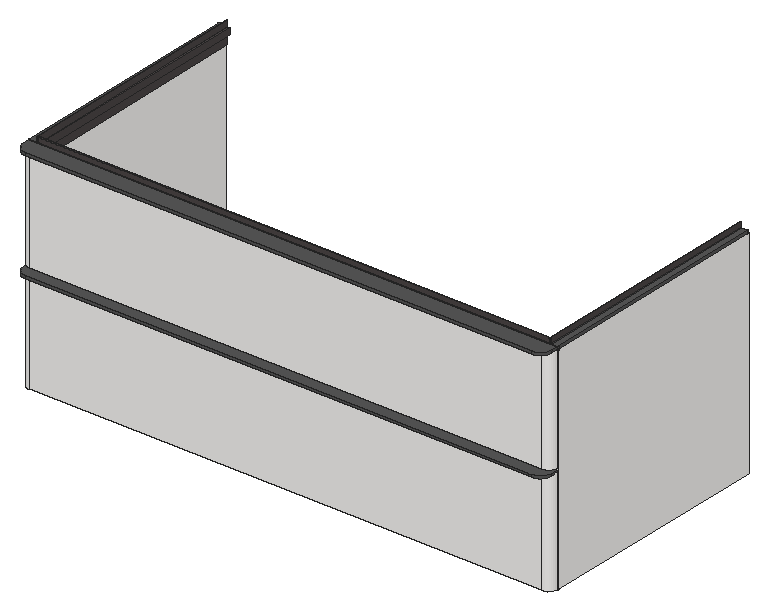
Revit family "vanity unit with 2 drawers for consoles with bowl", category Furniture, Revit 2019 (continued)
Definition of nested family "vanity unit 980_550 with 2 drawers for consoles with bowl-54080670-natural oak-matt_black-200_content"
  Parameters (values of type "Vanity unit 980_550 with 2 drawers for consoles with bowl-54080670-Natural Oak-MATT_BLACK-200_Content")
    REGIONSET = "Worldwide"
    PRODUCTURL = "https://pro.hansgrohe.com/articledetail--54080000"
    PRODUCTGROUP = "vanity unit"
    PRODUCTFAMILY = "Xelu Q"
    PERMALINK = "54080XXX"
    OMNICLASS = "23-21 19 15 33 13 | Residential Bathroom Specialty Casework"
    OBJECTTYPE = "Object (single object)"
    OBERFLAECHE = "Natural Oak"
    NN = "Vanity unit with 2 drawers for consoles with bowl"
    NBSYN = "$BASENUMBER.-$ARTNR.-$OBERFLAECHE.-$SURFACE.-$LODLEVEL."
    NB = "Vanity unit 980/550 with 2 drawers for consoles with bowl-54080670-Natural Oak-MATT_BLACK-200"
    NAME = "Xelu Q Vanity unit Natural Oak 980/550 with 2 drawers for consoles with bowl"
    Model = "Vanity unit 980/550 with 2 drawers for consoles with bowl-54080670-Natural Oak-MATT_BLACK-200"
    Manufacturer = "Hansgrohe"
    MASTERFORMAT = "12 35 30.23 | Bathroom Casework"
    LODLEVEL = "200"
    LINA = "Vanity unit 980/550 with 2 drawers for consoles with bowl-54080670-Natural Oak-MATT_BLACK-200"
    L = 980
    IFC = "Furnishing element"
    GTINCODE = "4059625456750"
    ETIM = "EC011381 | Bathroom furniture set"
    Default Elevation = 1219.2 mm
    DESIGN = "Germany"
    ContentVisible [instance] = yes
    CATALOG = "Hansgrohe"
    BIMOBJECT = "Sanitary: Compound units"
    BASENUMBER = "Vanity unit 980/550 with 2 drawers for consoles with bowl"
    ARTNR = "54080670"
  Reference planes
    plane 1 "Center (Front/Back)": y = 0
    plane 2: z = 0
    plane 3 "Center (Left/Right)": x = 0
  Forms (mm)
    Extrusion 1, solid, visible <- "ContentVisible", detail levels medium+fine
      sketch origin (0, 0, 0) x (1, 0, 0) y (0, 1, 0)
        loop
          line (-490, 0) -> (-490, -551) -> (490, -551) -> (490, 0) -> (474, 0) -> (474, -117) -> (-474, -117) -> (-474, 0) -> (-490, 0)
      from 0 to 480
    Extrusion 2, solid, visible <- "ContentVisible", detail levels medium+fine
      sketch origin (0, 0, 234) x (1, 0, 0) y (0, 1, 0)
        loop
          line (-488.5, -528.5) -> (-488.5, -571) -> (488.5, -571) -> (488.5, -528.5) -> (-488.5, -528.5)
      from 0 to 5
    Extrusion 3, solid, visible <- "ContentVisible", detail levels medium+fine
      sketch origin (0, 0, 480) x (1, 0, 0) y (0, 1, 0)
        loop
          line (-488.5, -528.5) -> (-488.5, -571) -> (488.5, -571) -> (488.5, -528.5) -> (-488.5, -528.5)
      from 0 to 5
    Extrusion 4, solid, visible <- "ContentVisible", detail levels medium+fine
      sketch origin (0, 0, 0) x (1, 0, 0) y (0, 0, -1)
        loop
          line (-474, -447) -> (-474, -485) -> (-472.5, -485) -> (-472.5, -447) -> (-474, -447)
      from -530 to 0
    Extrusion 5, solid, visible <- "ContentVisible", detail levels medium+fine
      sketch origin (0, 0, 0) x (1, 0, 0) y (0, 0, -1)
        loop
          line (472.5, -446.8) -> (472.5, -485) -> (474, -485) -> (474, -446.8) -> (472.5, -446.8)
      from -530 to 0
    Extrusion 6, solid, visible <- "ContentVisible", detail levels medium+fine
      sketch origin (0, 0, 480) x (1, 0, 0) y (0, 1, 0)
        loop
          line (-490, 0) -> (-490, -530) -> (-474, -530) -> (-474, 0) -> (-490, 0)
      from 0 to 5
    Extrusion 7, solid, visible <- "ContentVisible", detail levels medium+fine
      sketch origin (0, 0, 480) x (1, 0, 0) y (0, 1, 0)
        loop
          line (474, 0) -> (474, -530) -> (490, -530) -> (490, 0) -> (474, 0)
      from 0 to 5
    Extrusion 8, solid, visible <- "ContentVisible", detail levels medium+fine
      sketch origin (0, 0, 0) x (1, 0, 0) y (0, 0, -1)
        loop
          line (-472.5, -447) -> (-472.5, -496) -> (-466.4, -496) -> (-466.4, -447) -> (-472.5, -447)
      from -528.5 to 0
    Extrusion 9, solid, visible <- "ContentVisible", detail levels medium+fine
      sketch origin (0, 0, 0) x (1, 0, 0) y (0, 0, -1)
        loop
          line (466.4, -447) -> (466.4, -496) -> (472.5, -496) -> (472.5, -447) -> (466.4, -447)
      from -528.5 to 0
    Extrusion 10, solid, visible <- "ContentVisible", detail levels medium+fine
      sketch origin (0, 0, 0) x (0, 0, -1) y (0, 1, 0)
        loop
          line (-496, -528.5) -> (-447, -528.5) -> (-447, -522.4) -> (-496, -522.4) -> (-496, -528.5)
      from -472.5 to 472.5
    Extrusion 11, solid, visible <- "ContentVisible", detail levels coarse
      sketch origin (0, -285.5, 0) x (1, 0, 0) y (0, 1, 0)
        loop
          line (-490, -285.5) -> (490, -285.5) -> (490, 285.5) -> (-490, 285.5) -> (-490, -285.5)
      from 0 to 496
  Dimensions and locks
    aligned and locked: level to plane 2
Definition of nested family "vanity unit 980_550 with 2 drawers for consoles with bowl-54080670-natural oak-matt_black-400_content"
  Parameters (values of type "Vanity unit 980_550 with 2 drawers for consoles with bowl-54080670-Natural Oak-MATT_BLACK-400_Content")
    etim7_EC011381 = "EC011381"
    WEIGHT = "37.4"
    UNSPSC = "56 | Furniture and Furnishings"
    UNIFORMATII = "E2010 | Fixed Furnishings"
    UNICLASS_2015_CODE = "40_30_78_05"
    UNICLASS2015 = "Pr_40_30_78_05 | Bathroom furniture"
    SURFACE = "MATT_BLACK"
    REGIONSET = "Worldwide"
    PRODUCTURL = "https://pro.hansgrohe.com/articledetail--54080000"
    PRODUCTGROUP = "vanity unit"
    PRODUCTFAMILY = "Xelu Q"
    PERMALINK = "54080XXX"
    OMNICLASS = "23-21 19 15 33 13 | Residential Bathroom Specialty Casework"
    OBJECTTYPE = "Object (single object)"
    OBERFLAECHE = "Natural Oak"
    NN = "Vanity unit with 2 drawers for consoles with bowl"
    NBSYN = "$BASENUMBER.-$ARTNR.-$OBERFLAECHE.-$SURFACE.-$LODLEVEL."
    NB = "Vanity unit 980/550 with 2 drawers for consoles with bowl-54080670-Natural Oak-MATT_BLACK-400"
    NAME = "Xelu Q Vanity unit Natural Oak 980/550 with 2 drawers for consoles with bowl"
    Model = "Vanity unit 980/550 with 2 drawers for consoles with bowl-54080670-Natural Oak-MATT_BLACK-400"
    Manufacturer = "Hansgrohe"
    MASTERFORMAT = "12 35 30.23 | Bathroom Casework"
    LODLEVEL = "400"
    LINA = "Vanity unit 980/550 with 2 drawers for consoles with bowl-54080670-Natural Oak-MATT_BLACK-400"
    L = 980
    IFC = "Furnishing element"
    GTINCODE = "4059625456750"
    ETIM = "EC011381 | Bathroom furniture set"
    Default Elevation = 1219.2 mm
    DESIGN = "Germany"
    ContentVisible [instance] = yes
    CATALOG = "Hansgrohe"
    BIMOBJECT = "Sanitary: Compound units"
    BASENUMBER = "Vanity unit 980/550 with 2 drawers for consoles with bowl"
    ARTNR = "54080670"
  Reference planes
    plane 1 "Center (Front/Back)": y = 0
    plane 2: z = 0
    plane 3 "Center (Left/Right)": x = 0
  Forms (mm)
    Extrusion 1, solid, visible <- "ContentVisible", detail levels medium+fine
      sketch origin (0, 0, 0) x (1, 0, 0) y (0, 1, 0)
        loop
          line (-490, 0) -> (-490, -527)
          arc (-490, -527) -> (-489.121, -529.121) -> (-487, -530) r 3
          line (-487, -530) -> (-474, -530) -> (-474, 0) -> (-490, 0)
      from 0 to 480
    Extrusion 2, solid, visible <- "ContentVisible", detail levels medium+fine
      sketch origin (0, 0, 0) x (1, 0, 0) y (0, 1, 0)
        loop
          line (-474, -133) -> (-474, -499.5) -> (474, -499.5) -> (474, -133) -> (-474, -133)
      from 0 to 16
    Extrusion 3, solid, visible <- "ContentVisible", detail levels medium+fine
      sketch origin (0, 0, 0) x (1, 0, 0) y (0, 1, 0)
        loop
          line (474, 0) -> (474, -530) -> (487, -530)
          arc (487, -530) -> (489.121, -529.121) -> (490, -527) r 3
          line (490, -527) -> (490, 0) -> (474, 0)
      from 0 to 480
    Extrusion 4, solid, visible <- "ContentVisible", detail levels medium+fine
      sketch origin (0, 0, 0) x (1, 0, 0) y (0, 1, 0)
        loop
          line (-474, -117) -> (-474, -133) -> (474, -133) -> (474, -117) -> (-474, -117)
      from 0 to 126
    Extrusion 5, solid, visible <- "ContentVisible", detail levels medium+fine
      sketch origin (0, 0, 2) x (1, 0, 0) y (0, 1, 0)
        loop
          line (-490, -530) -> (-490, -532)
          arc (-490, -532) -> (-484.435, -545.435) -> (-471, -551) r 19
          line (-471, -551) -> (471, -551)
          arc (471, -551) -> (484.435, -545.435) -> (490, -532) r 19
          line (490, -532) -> (490, -530) -> (-490, -530)
      from 0 to 234
    Extrusion 6, solid, visible <- "ContentVisible", detail levels medium+fine
      sketch origin (0, 0, 234) x (1, 0, 0) y (0, 1, 0)
        loop
          line (-488.5, -530) -> (-488.5, -546)
          arc (-488.5, -546) -> (-481.178, -563.678) -> (-463.5, -571) r 25
          line (-463.5, -571) -> (463.5, -571)
          arc (463.5, -571) -> (481.178, -563.678) -> (488.5, -546) r 25
          line (488.5, -546) -> (488.5, -530) -> (468.5, -530) -> (468.5, -528.5) -> (-468.5, -528.5) -> (-468.5, -530) -> (-488.5, -530)
      from 0 to 5
    Extrusion 7, solid, visible <- "ContentVisible", detail levels medium+fine
      sketch origin (0, 0, 0) x (0, 0, -1) y (0, 1, 0)
        loop
          line (-239, -528.5) -> (-239, -530) -> (-209, -530) -> (-209, -528.5) -> (-239, -528.5)
      from -468.5 to 468.5
    Extrusion 8, solid, visible <- "ContentVisible", detail levels medium+fine
      sketch origin (0, 0, 245) x (1, 0, 0) y (0, 1, 0)
        loop
          line (-490, -530) -> (-490, -532)
          arc (-490, -532) -> (-484.435, -545.435) -> (-471, -551) r 19
          line (-471, -551) -> (471, -551)
          arc (471, -551) -> (484.435, -545.435) -> (490, -532) r 19
          line (490, -532) -> (490, -530) -> (-490, -530)
      from 0 to 235
    Extrusion 9, solid, visible <- "ContentVisible", detail levels medium+fine
      sketch origin (0, 0, 480) x (1, 0, 0) y (0, 1, 0)
        loop
          line (-488.5, -530) -> (-488.5, -546)
          arc (-488.5, -546) -> (-481.178, -563.678) -> (-463.5, -571) r 25
          line (-463.5, -571) -> (463.5, -571)
          arc (463.5, -571) -> (481.178, -563.678) -> (488.5, -546) r 25
          line (488.5, -546) -> (488.5, -530) -> (468.5, -530) -> (468.5, -528.5) -> (-468.5, -528.5) -> (-468.5, -530) -> (-488.5, -530)
      from 0 to 5
    Extrusion 10, solid, visible <- "ContentVisible", detail levels medium+fine
      sketch origin (0, 0, 0) x (0, 0, -1) y (0, 1, 0)
        loop
          line (-485, -528.5) -> (-485, -530) -> (-455, -530) -> (-455, -528.5) -> (-485, -528.5)
      from -468.5 to 468.5
    Extrusion 11, solid, visible <- "ContentVisible", detail levels medium+fine
      sketch origin (0, 0, 0) x (1, 0, 0) y (0, 0, -1)
        loop
          line (-474, -447) -> (-474, -485) -> (-472.5, -485) -> (-472.5, -447) -> (-474, -447)
      from -530 to 0
    Extrusion 12, solid, visible <- "ContentVisible", detail levels medium+fine
      sketch origin (0, 0, 0) x (1, 0, 0) y (0, 0, -1)
        loop
          line (472.5, -446.8) -> (472.5, -485) -> (474, -485) -> (474, -446.8) -> (472.5, -446.8)
      from -530 to 0
    Extrusion 13, solid, visible <- "ContentVisible", detail levels medium+fine
      sketch origin (0, 0, 480) x (1, 0, 0) y (0, 1, 0)
        loop
          line (-490, -3) -> (-490, -527)
          arc (-490, -527) -> (-489.121, -529.121) -> (-487, -530) r 3
          line (-487, -530) -> (-474, -530) -> (-474, 0) -> (-487, 0)
          arc (-487, 0) -> (-489.121, -0.879) -> (-490, -3) r 3
      from 0 to 5
    Extrusion 14, solid, visible <- "ContentVisible", detail levels medium+fine
      sketch origin (0, 0, 480) x (1, 0, 0) y (0, 1, 0)
        loop
          line (474, 0) -> (474, -530) -> (487, -530)
          arc (487, -530) -> (489.121, -529.121) -> (490, -527) r 3
          line (490, -527) -> (490, -3)
          arc (490, -3) -> (489.121, -0.879) -> (487, 0) r 3
          line (487, 0) -> (474, 0)
      from 0 to 5
    Extrusion 15, solid, visible <- "ContentVisible", detail levels medium+fine
      sketch origin (0, 0, 0) x (1, 0, 0) y (0, 0, -1)
        loop
          line (-472.5, -447) -> (-472.5, -496) -> (-471, -496) -> (-471, -483) -> (-466.4, -483) -> (-466.4, -468.5) -> (-471, -468.5) -> (-471, -447) -> (-472.5, -447)
      from -528.5 to 0
    Extrusion 16, solid, visible <- "ContentVisible", detail levels medium+fine
      sketch origin (0, 0, 0) x (1, 0, 0) y (0, 0, -1)
        loop
          line (466.4, -468.5) -> (466.4, -483) -> (471, -483) -> (471, -496) -> (472.5, -496) -> (472.5, -447) -> (471, -447) -> (471, -468.5) -> (466.4, -468.5)
      from -528.5 to 0
    Extrusion 17, solid, visible <- "ContentVisible", detail levels medium+fine
      sketch origin (0, 0, 0) x (0, 0, -1) y (0, 1, 0)
        loop
          line (-496, -528.5) -> (-447, -528.5) -> (-447, -527) -> (-468.5, -527) -> (-468.5, -522.4) -> (-483, -522.4) -> (-483, -527) -> (-496, -527) -> (-496, -528.5)
      from -472.5 to 472.5
    Extrusion 18, solid, visible <- "ContentVisible", detail levels coarse
      sketch origin (0, -285.5, 0) x (1, 0, 0) y (0, 1, 0)
        loop
          line (-490, -285.5) -> (490, -285.5) -> (490, 285.5) -> (-490, 285.5) -> (-490, -285.5)
      from 0 to 496
  Dimensions and locks
    aligned and locked: level to plane 2
Definition of nested family "vanity unit 980_550 with 2 drawers for consoles with bowl-54080700-natural oak-matt_white-200_content"
  Parameters (values of type "Vanity unit 980_550 with 2 drawers for consoles with bowl-54080700-Natural Oak-MATT_WHITE-200_Content")
    etim7_EC011381 = "EC011381"
    WEIGHT = "37.4"
    UNSPSC = "56 | Furniture and Furnishings"
    UNIFORMATII = "E2010 | Fixed Furnishings"
    UNICLASS_2015_CODE = "40_30_78_05"
    UNICLASS2015 = "Pr_40_30_78_05 | Bathroom furniture"
    SURFACE = "MATT_WHITE"
    REGIONSET = "Worldwide"
    PRODUCTURL = "https://pro.hansgrohe.com/articledetail--54080000"
    PRODUCTGROUP = "vanity unit"
    PRODUCTFAMILY = "Xelu Q"
    PERMALINK = "54080XXX"
    OMNICLASS = "23-21 19 15 33 13 | Residential Bathroom Specialty Casework"
    OBJECTTYPE = "Object (single object)"
    OBERFLAECHE = "Natural Oak"
    NN = "Vanity unit with 2 drawers for consoles with bowl"
    NBSYN = "$BASENUMBER.-$ARTNR.-$OBERFLAECHE.-$SURFACE.-$LODLEVEL."
    NB = "Vanity unit 980/550 with 2 drawers for consoles with bowl-54080700-Natural Oak-MATT_WHITE-200"
    NAME = "Xelu Q Vanity unit Natural Oak 980/550 with 2 drawers for consoles with bowl"
    Model = "Vanity unit 980/550 with 2 drawers for consoles with bowl-54080700-Natural Oak-MATT_WHITE-200"
    Manufacturer = "Hansgrohe"
    MASTERFORMAT = "12 35 30.23 | Bathroom Casework"
    LODLEVEL = "200"
    LINA = "Vanity unit 980/550 with 2 drawers for consoles with bowl-54080700-Natural Oak-MATT_WHITE-200"
    L = 980
    IFC = "Furnishing element"
    GTINCODE = "4059625456750"
    ETIM = "EC011381 | Bathroom furniture set"
    Default Elevation = 1219.2 mm
    DESIGN = "Germany"
    ContentVisible [instance] = yes
    CATALOG = "Hansgrohe"
    BIMOBJECT = "Sanitary: Compound units"
    BASENUMBER = "Vanity unit 980/550 with 2 drawers for consoles with bowl"
    ARTNR = "54080700"
  Reference planes
    plane 1 "Center (Front/Back)": y = 0
    plane 2: z = 0
    plane 3 "Center (Left/Right)": x = 0
  Forms (mm)
    Extrusion 1, solid, visible <- "ContentVisible", detail levels medium+fine
      sketch origin (0, 0, 0) x (1, 0, 0) y (0, 1, 0)
        loop
          line (-490, 0) -> (-490, -551) -> (490, -551) -> (490, 0) -> (474, 0) -> (474, -117) -> (-474, -117) -> (-474, 0) -> (-490, 0)
      from 0 to 480
    Extrusion 2, solid, visible <- "ContentVisible", detail levels medium+fine
      sketch origin (0, 0, 234) x (1, 0, 0) y (0, 1, 0)
        loop
          line (-488.5, -528.5) -> (-488.5, -571) -> (488.5, -571) -> (488.5, -528.5) -> (-488.5, -528.5)
      from 0 to 5
    Extrusion 3, solid, visible <- "ContentVisible", detail levels medium+fine
      sketch origin (0, 0, 480) x (1, 0, 0) y (0, 1, 0)
        loop
          line (-488.5, -528.5) -> (-488.5, -571) -> (488.5, -571) -> (488.5, -528.5) -> (-488.5, -528.5)
      from 0 to 5
    Extrusion 4, solid, visible <- "ContentVisible", detail levels medium+fine
      sketch origin (0, 0, 0) x (1, 0, 0) y (0, 0, -1)
        loop
          line (-474, -447) -> (-474, -485) -> (-472.5, -485) -> (-472.5, -447) -> (-474, -447)
      from -530 to 0
    Extrusion 5, solid, visible <- "ContentVisible", detail levels medium+fine
      sketch origin (0, 0, 0) x (1, 0, 0) y (0, 0, -1)
        loop
          line (472.5, -446.8) -> (472.5, -485) -> (474, -485) -> (474, -446.8) -> (472.5, -446.8)
      from -530 to 0
    Extrusion 6, solid, visible <- "ContentVisible", detail levels medium+fine
      sketch origin (0, 0, 480) x (1, 0, 0) y (0, 1, 0)
        loop
          line (-490, 0) -> (-490, -530) -> (-474, -530) -> (-474, 0) -> (-490, 0)
      from 0 to 5
    Extrusion 7, solid, visible <- "ContentVisible", detail levels medium+fine
      sketch origin (0, 0, 480) x (1, 0, 0) y (0, 1, 0)
        loop
          line (474, 0) -> (474, -530) -> (490, -530) -> (490, 0) -> (474, 0)
      from 0 to 5
    Extrusion 8, solid, visible <- "ContentVisible", detail levels medium+fine
      sketch origin (0, 0, 0) x (1, 0, 0) y (0, 0, -1)
        loop
          line (-472.5, -447) -> (-472.5, -496) -> (-466.4, -496) -> (-466.4, -447) -> (-472.5, -447)
      from -528.5 to 0
    Extrusion 9, solid, visible <- "ContentVisible", detail levels medium+fine
      sketch origin (0, 0, 0) x (1, 0, 0) y (0, 0, -1)
        loop
          line (466.4, -447) -> (466.4, -496) -> (472.5, -496) -> (472.5, -447) -> (466.4, -447)
      from -528.5 to 0
    Extrusion 10, solid, visible <- "ContentVisible", detail levels medium+fine
      sketch origin (0, 0, 0) x (0, 0, -1) y (0, 1, 0)
        loop
          line (-496, -528.5) -> (-447, -528.5) -> (-447, -522.4) -> (-496, -522.4) -> (-496, -528.5)
      from -472.5 to 472.5
    Extrusion 11, solid, visible <- "ContentVisible", detail levels coarse
      sketch origin (0, -285.5, 0) x (1, 0, 0) y (0, 1, 0)
        loop
          line (-490, -285.5) -> (490, -285.5) -> (490, 285.5) -> (-490, 285.5) -> (-490, -285.5)
      from 0 to 496
  Dimensions and locks
    aligned and locked: level to plane 2
Definition of nested family "vanity unit 980_550 with 2 drawers for consoles with bowl-54080700-natural oak-matt_white-400_content"
  Parameters (values of type "Vanity unit 980_550 with 2 drawers for consoles with bowl-54080700-Natural Oak-MATT_WHITE-400_Content")
    etim7_EC011381 = "EC011381"
    WEIGHT = "37.4"
    UNSPSC = "56 | Furniture and Furnishings"
    UNIFORMATII = "E2010 | Fixed Furnishings"
    UNICLASS_2015_CODE = "40_30_78_05"
    UNICLASS2015 = "Pr_40_30_78_05 | Bathroom furniture"
    SURFACE = "MATT_WHITE"
    REGIONSET = "Worldwide"
    PRODUCTURL = "https://pro.hansgrohe.com/articledetail--54080000"
    PRODUCTGROUP = "vanity unit"
    PRODUCTFAMILY = "Xelu Q"
    PERMALINK = "54080XXX"
    OMNICLASS = "23-21 19 15 33 13 | Residential Bathroom Specialty Casework"
    OBJECTTYPE = "Object (single object)"
    OBERFLAECHE = "Natural Oak"
    NN = "Vanity unit with 2 drawers for consoles with bowl"
    NBSYN = "$BASENUMBER.-$ARTNR.-$OBERFLAECHE.-$SURFACE.-$LODLEVEL."
    NB = "Vanity unit 980/550 with 2 drawers for consoles with bowl-54080700-Natural Oak-MATT_WHITE-400"
    NAME = "Xelu Q Vanity unit Natural Oak 980/550 with 2 drawers for consoles with bowl"
    Model = "Vanity unit 980/550 with 2 drawers for consoles with bowl-54080700-Natural Oak-MATT_WHITE-400"
    Manufacturer = "Hansgrohe"
    MASTERFORMAT = "12 35 30.23 | Bathroom Casework"
    LODLEVEL = "400"
    LINA = "Vanity unit 980/550 with 2 drawers for consoles with bowl-54080700-Natural Oak-MATT_WHITE-400"
    L = 980
    IFC = "Furnishing element"
    GTINCODE = "4059625456750"
    ETIM = "EC011381 | Bathroom furniture set"
    Default Elevation = 1219.2 mm
    DESIGN = "Germany"
    ContentVisible [instance] = yes
    CATALOG = "Hansgrohe"
    BIMOBJECT = "Sanitary: Compound units"
    BASENUMBER = "Vanity unit 980/550 with 2 drawers for consoles with bowl"
    ARTNR = "54080700"
  Reference planes
    plane 1 "Center (Front/Back)": y = 0
    plane 2: z = 0
    plane 3 "Center (Left/Right)": x = 0
  Forms (mm)
    Extrusion 1, solid, visible <- "ContentVisible", detail levels medium+fine
      sketch origin (0, 0, 0) x (1, 0, 0) y (0, 1, 0)
        loop
          line (-490, 0) -> (-490, -527)
          arc (-490, -527) -> (-489.121, -529.121) -> (-487, -530) r 3
          line (-487, -530) -> (-474, -530) -> (-474, 0) -> (-490, 0)
      from 0 to 480
    Extrusion 2, solid, visible <- "ContentVisible", detail levels medium+fine
      sketch origin (0, 0, 0) x (1, 0, 0) y (0, 1, 0)
        loop
          line (-474, -133) -> (-474, -499.5) -> (474, -499.5) -> (474, -133) -> (-474, -133)
      from 0 to 16
    Extrusion 3, solid, visible <- "ContentVisible", detail levels medium+fine
      sketch origin (0, 0, 0) x (1, 0, 0) y (0, 1, 0)
        loop
          line (474, 0) -> (474, -530) -> (487, -530)
          arc (487, -530) -> (489.121, -529.121) -> (490, -527) r 3
          line (490, -527) -> (490, 0) -> (474, 0)
      from 0 to 480
    Extrusion 4, solid, visible <- "ContentVisible", detail levels medium+fine
      sketch origin (0, 0, 0) x (1, 0, 0) y (0, 1, 0)
        loop
          line (-474, -117) -> (-474, -133) -> (474, -133) -> (474, -117) -> (-474, -117)
      from 0 to 126
    Extrusion 5, solid, visible <- "ContentVisible", detail levels medium+fine
      sketch origin (0, 0, 2) x (1, 0, 0) y (0, 1, 0)
        loop
          line (-490, -530) -> (-490, -532)
          arc (-490, -532) -> (-484.435, -545.435) -> (-471, -551) r 19
          line (-471, -551) -> (471, -551)
          arc (471, -551) -> (484.435, -545.435) -> (490, -532) r 19
          line (490, -532) -> (490, -530) -> (-490, -530)
      from 0 to 234
    Extrusion 6, solid, visible <- "ContentVisible", detail levels medium+fine
      sketch origin (0, 0, 234) x (1, 0, 0) y (0, 1, 0)
        loop
          line (-488.5, -530) -> (-488.5, -546)
          arc (-488.5, -546) -> (-481.178, -563.678) -> (-463.5, -571) r 25
          line (-463.5, -571) -> (463.5, -571)
          arc (463.5, -571) -> (481.178, -563.678) -> (488.5, -546) r 25
          line (488.5, -546) -> (488.5, -530) -> (468.5, -530) -> (468.5, -528.5) -> (-468.5, -528.5) -> (-468.5, -530) -> (-488.5, -530)
      from 0 to 5
    Extrusion 7, solid, visible <- "ContentVisible", detail levels medium+fine
      sketch origin (0, 0, 0) x (0, 0, -1) y (0, 1, 0)
        loop
          line (-239, -528.5) -> (-239, -530) -> (-209, -530) -> (-209, -528.5) -> (-239, -528.5)
      from -468.5 to 468.5
    Extrusion 8, solid, visible <- "ContentVisible", detail levels medium+fine
      sketch origin (0, 0, 245) x (1, 0, 0) y (0, 1, 0)
        loop
          line (-490, -530) -> (-490, -532)
          arc (-490, -532) -> (-484.435, -545.435) -> (-471, -551) r 19
          line (-471, -551) -> (471, -551)
          arc (471, -551) -> (484.435, -545.435) -> (490, -532) r 19
          line (490, -532) -> (490, -530) -> (-490, -530)
      from 0 to 235
    Extrusion 9, solid, visible <- "ContentVisible", detail levels medium+fine
      sketch origin (0, 0, 480) x (1, 0, 0) y (0, 1, 0)
        loop
          line (-488.5, -530) -> (-488.5, -546)
          arc (-488.5, -546) -> (-481.178, -563.678) -> (-463.5, -571) r 25
          line (-463.5, -571) -> (463.5, -571)
          arc (463.5, -571) -> (481.178, -563.678) -> (488.5, -546) r 25
          line (488.5, -546) -> (488.5, -530) -> (468.5, -530) -> (468.5, -528.5) -> (-468.5, -528.5) -> (-468.5, -530) -> (-488.5, -530)
      from 0 to 5
    Extrusion 10, solid, visible <- "ContentVisible", detail levels medium+fine
      sketch origin (0, 0, 0) x (0, 0, -1) y (0, 1, 0)
        loop
          line (-485, -528.5) -> (-485, -530) -> (-455, -530) -> (-455, -528.5) -> (-485, -528.5)
      from -468.5 to 468.5
    Extrusion 11, solid, visible <- "ContentVisible", detail levels medium+fine
      sketch origin (0, 0, 0) x (1, 0, 0) y (0, 0, -1)
        loop
          line (-474, -447) -> (-474, -485) -> (-472.5, -485) -> (-472.5, -447) -> (-474, -447)
      from -530 to 0
    Extrusion 12, solid, visible <- "ContentVisible", detail levels medium+fine
      sketch origin (0, 0, 0) x (1, 0, 0) y (0, 0, -1)
        loop
          line (472.5, -446.8) -> (472.5, -485) -> (474, -485) -> (474, -446.8) -> (472.5, -446.8)
      from -530 to 0
    Extrusion 13, solid, visible <- "ContentVisible", detail levels medium+fine
      sketch origin (0, 0, 480) x (1, 0, 0) y (0, 1, 0)
        loop
          line (-490, -3) -> (-490, -527)
          arc (-490, -527) -> (-489.121, -529.121) -> (-487, -530) r 3
          line (-487, -530) -> (-474, -530) -> (-474, 0) -> (-487, 0)
          arc (-487, 0) -> (-489.121, -0.879) -> (-490, -3) r 3
      from 0 to 5
    Extrusion 14, solid, visible <- "ContentVisible", detail levels medium+fine
      sketch origin (0, 0, 480) x (1, 0, 0) y (0, 1, 0)
        loop
          line (474, 0) -> (474, -530) -> (487, -530)
          arc (487, -530) -> (489.121, -529.121) -> (490, -527) r 3
          line (490, -527) -> (490, -3)
          arc (490, -3) -> (489.121, -0.879) -> (487, 0) r 3
          line (487, 0) -> (474, 0)
      from 0 to 5
    Extrusion 15, solid, visible <- "ContentVisible", detail levels medium+fine
      sketch origin (0, 0, 0) x (1, 0, 0) y (0, 0, -1)
        loop
          line (-472.5, -447) -> (-472.5, -496) -> (-471, -496) -> (-471, -483) -> (-466.4, -483) -> (-466.4, -468.5) -> (-471, -468.5) -> (-471, -447) -> (-472.5, -447)
      from -528.5 to 0
    Extrusion 16, solid, visible <- "ContentVisible", detail levels medium+fine
      sketch origin (0, 0, 0) x (1, 0, 0) y (0, 0, -1)
        loop
          line (466.4, -468.5) -> (466.4, -483) -> (471, -483) -> (471, -496) -> (472.5, -496) -> (472.5, -447) -> (471, -447) -> (471, -468.5) -> (466.4, -468.5)
      from -528.5 to 0
    Extrusion 17, solid, visible <- "ContentVisible", detail levels medium+fine
      sketch origin (0, 0, 0) x (0, 0, -1) y (0, 1, 0)
        loop
          line (-496, -528.5) -> (-447, -528.5) -> (-447, -527) -> (-468.5, -527) -> (-468.5, -522.4) -> (-483, -522.4) -> (-483, -527) -> (-496, -527) -> (-496, -528.5)
      from -472.5 to 472.5
    Extrusion 18, solid, visible <- "ContentVisible", detail levels coarse
      sketch origin (0, -285.5, 0) x (1, 0, 0) y (0, 1, 0)
        loop
          line (-490, -285.5) -> (490, -285.5) -> (490, 285.5) -> (-490, 285.5) -> (-490, -285.5)
      from 0 to 496
  Dimensions and locks
    aligned and locked: level to plane 2
Definition of nested family "vanity unit 980_550 with 2 drawers for consoles with bowl-54081000-dark walnut-chrome-200_content"
  Parameters (values of type "Vanity unit 980_550 with 2 drawers for consoles with bowl-54081000-Dark Walnut-CHROME-200_Content")
    etim7_EC011381 = "EC011381"
    WEIGHT = "37.4"
    UNSPSC = "56 | Furniture and Furnishings"
    UNIFORMATII = "E2010 | Fixed Furnishings"
    UNICLASS_2015_CODE = "40_30_78_05"
    UNICLASS2015 = "Pr_40_30_78_05 | Bathroom furniture"
    SURFACE = "CHROME"
    REGIONSET = "Worldwide"
    PRODUCTURL = "https://pro.hansgrohe.com/articledetail--54081000"
    PRODUCTGROUP = "vanity unit"
    PRODUCTFAMILY = "Xelu Q"
    PERMALINK = "54081XXX"
    OMNICLASS = "23-21 19 15 33 13 | Residential Bathroom Specialty Casework"
    OBJECTTYPE = "Object (single object)"
    OBERFLAECHE = "Dark Walnut"
    NN = "Vanity unit with 2 drawers for consoles with bowl"
    NBSYN = "$BASENUMBER.-$ARTNR.-$OBERFLAECHE.-$SURFACE.-$LODLEVEL."
    NB = "Vanity unit 980/550 with 2 drawers for consoles with bowl-54081000-Dark Walnut-CHROME-200"
    NAME = "Xelu Q Vanity unit Dark Walnut 980/550 with 2 drawers for consoles with bowl"
    Model = "Vanity unit 980/550 with 2 drawers for consoles with bowl-54081000-Dark Walnut-CHROME-200"
    Manufacturer = "Hansgrohe"
    MASTERFORMAT = "12 35 30.23 | Bathroom Casework"
    LODLEVEL = "200"
    LINA = "Vanity unit 980/550 with 2 drawers for consoles with bowl-54081000-Dark Walnut-CHROME-200"
    L = 980
    IFC = "Furnishing element"
    GTINCODE = "4059625456729"
    ETIM = "EC011381 | Bathroom furniture set"
    Default Elevation = 1219.2 mm
    DESIGN = "Germany"
    ContentVisible [instance] = yes
    CATALOG = "Hansgrohe"
    BIMOBJECT = "Sanitary: Compound units"
    BASENUMBER = "Vanity unit 980/550 with 2 drawers for consoles with bowl"
    ARTNR = "54081000"
  Reference planes
    plane 1 "Center (Front/Back)": y = 0
    plane 2: z = 0
    plane 3 "Center (Left/Right)": x = 0
  Forms (mm)
    Extrusion 1, solid, visible <- "ContentVisible", detail levels medium+fine
      sketch origin (0, 0, 0) x (1, 0, 0) y (0, 1, 0)
        loop
          line (-490, 0) -> (-490, -551) -> (490, -551) -> (490, 0) -> (474, 0) -> (474, -117) -> (-474, -117) -> (-474, 0) -> (-490, 0)
      from 0 to 480
    Extrusion 2, solid, visible <- "ContentVisible", detail levels medium+fine
      sketch origin (0, 0, 234) x (1, 0, 0) y (0, 1, 0)
        loop
          line (-488.5, -528.5) -> (-488.5, -571) -> (488.5, -571) -> (488.5, -528.5) -> (-488.5, -528.5)
      from 0 to 5
    Extrusion 3, solid, visible <- "ContentVisible", detail levels medium+fine
      sketch origin (0, 0, 480) x (1, 0, 0) y (0, 1, 0)
        loop
          line (-488.5, -528.5) -> (-488.5, -571) -> (488.5, -571) -> (488.5, -528.5) -> (-488.5, -528.5)
      from 0 to 5
    Extrusion 4, solid, visible <- "ContentVisible", detail levels medium+fine
      sketch origin (0, 0, 0) x (1, 0, 0) y (0, 0, -1)
        loop
          line (-474, -447) -> (-474, -485) -> (-472.5, -485) -> (-472.5, -447) -> (-474, -447)
      from -530 to 0
    Extrusion 5, solid, visible <- "ContentVisible", detail levels medium+fine
      sketch origin (0, 0, 0) x (1, 0, 0) y (0, 0, -1)
        loop
          line (472.5, -446.8) -> (472.5, -485) -> (474, -485) -> (474, -446.8) -> (472.5, -446.8)
      from -530 to 0
    Extrusion 6, solid, visible <- "ContentVisible", detail levels medium+fine
      sketch origin (0, 0, 480) x (1, 0, 0) y (0, 1, 0)
        loop
          line (-490, 0) -> (-490, -530) -> (-474, -530) -> (-474, 0) -> (-490, 0)
      from 0 to 5
    Extrusion 7, solid, visible <- "ContentVisible", detail levels medium+fine
      sketch origin (0, 0, 480) x (1, 0, 0) y (0, 1, 0)
        loop
          line (474, 0) -> (474, -530) -> (490, -530) -> (490, 0) -> (474, 0)
      from 0 to 5
    Extrusion 8, solid, visible <- "ContentVisible", detail levels medium+fine
      sketch origin (0, 0, 0) x (1, 0, 0) y (0, 0, -1)
        loop
          line (-472.5, -447) -> (-472.5, -496) -> (-466.4, -496) -> (-466.4, -447) -> (-472.5, -447)
      from -528.5 to 0
    Extrusion 9, solid, visible <- "ContentVisible", detail levels medium+fine
      sketch origin (0, 0, 0) x (1, 0, 0) y (0, 0, -1)
        loop
          line (466.4, -447) -> (466.4, -496) -> (472.5, -496) -> (472.5, -447) -> (466.4, -447)
      from -528.5 to 0
    Extrusion 10, solid, visible <- "ContentVisible", detail levels medium+fine
      sketch origin (0, 0, 0) x (0, 0, -1) y (0, 1, 0)
        loop
          line (-496, -528.5) -> (-447, -528.5) -> (-447, -522.4) -> (-496, -522.4) -> (-496, -528.5)
      from -472.5 to 472.5
    Extrusion 11, solid, visible <- "ContentVisible", detail levels coarse
      sketch origin (0, -285.5, 0) x (1, 0, 0) y (0, 1, 0)
        loop
          line (-490, -285.5) -> (490, -285.5) -> (490, 285.5) -> (-490, 285.5) -> (-490, -285.5)
      from 0 to 496
  Dimensions and locks
    aligned and locked: level to plane 2
Definition of nested family "vanity unit 980_550 with 2 drawers for consoles with bowl-54081000-dark walnut-chrome-400_content"
  Parameters (values of type "Vanity unit 980_550 with 2 drawers for consoles with bowl-54081000-Dark Walnut-CHROME-400_Content")
    etim7_EC011381 = "EC011381"
    WEIGHT = "37.4"
    UNSPSC = "56 | Furniture and Furnishings"
    UNIFORMATII = "E2010 | Fixed Furnishings"
    UNICLASS_2015_CODE = "40_30_78_05"
    UNICLASS2015 = "Pr_40_30_78_05 | Bathroom furniture"
    SURFACE = "CHROME"
    REGIONSET = "Worldwide"
    PRODUCTURL = "https://pro.hansgrohe.com/articledetail--54081000"
    PRODUCTGROUP = "vanity unit"
    PRODUCTFAMILY = "Xelu Q"
    PERMALINK = "54081XXX"
    OMNICLASS = "23-21 19 15 33 13 | Residential Bathroom Specialty Casework"
    OBJECTTYPE = "Object (single object)"
    OBERFLAECHE = "Dark Walnut"
    NN = "Vanity unit with 2 drawers for consoles with bowl"
    NBSYN = "$BASENUMBER.-$ARTNR.-$OBERFLAECHE.-$SURFACE.-$LODLEVEL."
    NB = "Vanity unit 980/550 with 2 drawers for consoles with bowl-54081000-Dark Walnut-CHROME-400"
    NAME = "Xelu Q Vanity unit Dark Walnut 980/550 with 2 drawers for consoles with bowl"
    Model = "Vanity unit 980/550 with 2 drawers for consoles with bowl-54081000-Dark Walnut-CHROME-400"
    Manufacturer = "Hansgrohe"
    MASTERFORMAT = "12 35 30.23 | Bathroom Casework"
    LODLEVEL = "400"
    LINA = "Vanity unit 980/550 with 2 drawers for consoles with bowl-54081000-Dark Walnut-CHROME-400"
    L = 980
    IFC = "Furnishing element"
    GTINCODE = "4059625456729"
    ETIM = "EC011381 | Bathroom furniture set"
    Default Elevation = 1219.2 mm
    DESIGN = "Germany"
    ContentVisible [instance] = yes
    CATALOG = "Hansgrohe"
    BIMOBJECT = "Sanitary: Compound units"
    BASENUMBER = "Vanity unit 980/550 with 2 drawers for consoles with bowl"
    ARTNR = "54081000"
  Reference planes
    plane 1 "Center (Front/Back)": y = 0
    plane 2: z = 0
    plane 3 "Center (Left/Right)": x = 0
  Forms (mm)
    Extrusion 1, solid, visible <- "ContentVisible", detail levels medium+fine
      sketch origin (0, 0, 0) x (1, 0, 0) y (0, 1, 0)
        loop
          line (-490, 0) -> (-490, -527)
          arc (-490, -527) -> (-489.121, -529.121) -> (-487, -530) r 3
          line (-487, -530) -> (-474, -530) -> (-474, 0) -> (-490, 0)
      from 0 to 480
    Extrusion 2, solid, visible <- "ContentVisible", detail levels medium+fine
      sketch origin (0, 0, 0) x (1, 0, 0) y (0, 1, 0)
        loop
          line (-474, -133) -> (-474, -499.5) -> (474, -499.5) -> (474, -133) -> (-474, -133)
      from 0 to 16
    Extrusion 3, solid, visible <- "ContentVisible", detail levels medium+fine
      sketch origin (0, 0, 0) x (1, 0, 0) y (0, 1, 0)
        loop
          line (474, 0) -> (474, -530) -> (487, -530)
          arc (487, -530) -> (489.121, -529.121) -> (490, -527) r 3
          line (490, -527) -> (490, 0) -> (474, 0)
      from 0 to 480
    Extrusion 4, solid, visible <- "ContentVisible", detail levels medium+fine
      sketch origin (0, 0, 0) x (1, 0, 0) y (0, 1, 0)
        loop
          line (-474, -117) -> (-474, -133) -> (474, -133) -> (474, -117) -> (-474, -117)
      from 0 to 126
    Extrusion 5, solid, visible <- "ContentVisible", detail levels medium+fine
      sketch origin (0, 0, 2) x (1, 0, 0) y (0, 1, 0)
        loop
          line (-490, -530) -> (-490, -532)
          arc (-490, -532) -> (-484.435, -545.435) -> (-471, -551) r 19
          line (-471, -551) -> (471, -551)
          arc (471, -551) -> (484.435, -545.435) -> (490, -532) r 19
          line (490, -532) -> (490, -530) -> (-490, -530)
      from 0 to 234
    Extrusion 6, solid, visible <- "ContentVisible", detail levels medium+fine
      sketch origin (0, 0, 234) x (1, 0, 0) y (0, 1, 0)
        loop
          line (-488.5, -530) -> (-488.5, -546)
          arc (-488.5, -546) -> (-481.178, -563.678) -> (-463.5, -571) r 25
          line (-463.5, -571) -> (463.5, -571)
          arc (463.5, -571) -> (481.178, -563.678) -> (488.5, -546) r 25
          line (488.5, -546) -> (488.5, -530) -> (468.5, -530) -> (468.5, -528.5) -> (-468.5, -528.5) -> (-468.5, -530) -> (-488.5, -530)
      from 0 to 5
    Extrusion 7, solid, visible <- "ContentVisible", detail levels medium+fine
      sketch origin (0, 0, 0) x (0, 0, -1) y (0, 1, 0)
        loop
          line (-239, -528.5) -> (-239, -530) -> (-209, -530) -> (-209, -528.5) -> (-239, -528.5)
      from -468.5 to 468.5
    Extrusion 8, solid, visible <- "ContentVisible", detail levels medium+fine
      sketch origin (0, 0, 245) x (1, 0, 0) y (0, 1, 0)
        loop
          line (-490, -530) -> (-490, -532)
          arc (-490, -532) -> (-484.435, -545.435) -> (-471, -551) r 19
          line (-471, -551) -> (471, -551)
          arc (471, -551) -> (484.435, -545.435) -> (490, -532) r 19
          line (490, -532) -> (490, -530) -> (-490, -530)
      from 0 to 235
    Extrusion 9, solid, visible <- "ContentVisible", detail levels medium+fine
      sketch origin (0, 0, 480) x (1, 0, 0) y (0, 1, 0)
        loop
          line (-488.5, -530) -> (-488.5, -546)
          arc (-488.5, -546) -> (-481.178, -563.678) -> (-463.5, -571) r 25
          line (-463.5, -571) -> (463.5, -571)
          arc (463.5, -571) -> (481.178, -563.678) -> (488.5, -546) r 25
          line (488.5, -546) -> (488.5, -530) -> (468.5, -530) -> (468.5, -528.5) -> (-468.5, -528.5) -> (-468.5, -530) -> (-488.5, -530)
      from 0 to 5
    Extrusion 10, solid, visible <- "ContentVisible", detail levels medium+fine
      sketch origin (0, 0, 0) x (0, 0, -1) y (0, 1, 0)
        loop
          line (-485, -528.5) -> (-485, -530) -> (-455, -530) -> (-455, -528.5) -> (-485, -528.5)
      from -468.5 to 468.5
    Extrusion 11, solid, visible <- "ContentVisible", detail levels medium+fine
      sketch origin (0, 0, 0) x (1, 0, 0) y (0, 0, -1)
        loop
          line (-474, -447) -> (-474, -485) -> (-472.5, -485) -> (-472.5, -447) -> (-474, -447)
      from -530 to 0
    Extrusion 12, solid, visible <- "ContentVisible", detail levels medium+fine
      sketch origin (0, 0, 0) x (1, 0, 0) y (0, 0, -1)
        loop
          line (472.5, -446.8) -> (472.5, -485) -> (474, -485) -> (474, -446.8) -> (472.5, -446.8)
      from -530 to 0
    Extrusion 13, solid, visible <- "ContentVisible", detail levels medium+fine
      sketch origin (0, 0, 480) x (1, 0, 0) y (0, 1, 0)
        loop
          line (-490, -3) -> (-490, -527)
          arc (-490, -527) -> (-489.121, -529.121) -> (-487, -530) r 3
          line (-487, -530) -> (-474, -530) -> (-474, 0) -> (-487, 0)
          arc (-487, 0) -> (-489.121, -0.879) -> (-490, -3) r 3
      from 0 to 5
    Extrusion 14, solid, visible <- "ContentVisible", detail levels medium+fine
      sketch origin (0, 0, 480) x (1, 0, 0) y (0, 1, 0)
        loop
          line (474, 0) -> (474, -530) -> (487, -530)
          arc (487, -530) -> (489.121, -529.121) -> (490, -527) r 3
          line (490, -527) -> (490, -3)
          arc (490, -3) -> (489.121, -0.879) -> (487, 0) r 3
          line (487, 0) -> (474, 0)
      from 0 to 5
    Extrusion 15, solid, visible <- "ContentVisible", detail levels medium+fine
      sketch origin (0, 0, 0) x (1, 0, 0) y (0, 0, -1)
        loop
          line (-472.5, -447) -> (-472.5, -496) -> (-471, -496) -> (-471, -483) -> (-466.4, -483) -> (-466.4, -468.5) -> (-471, -468.5) -> (-471, -447) -> (-472.5, -447)
      from -528.5 to 0
    Extrusion 16, solid, visible <- "ContentVisible", detail levels medium+fine
      sketch origin (0, 0, 0) x (1, 0, 0) y (0, 0, -1)
        loop
          line (466.4, -468.5) -> (466.4, -483) -> (471, -483) -> (471, -496) -> (472.5, -496) -> (472.5, -447) -> (471, -447) -> (471, -468.5) -> (466.4, -468.5)
      from -528.5 to 0
    Extrusion 17, solid, visible <- "ContentVisible", detail levels medium+fine
      sketch origin (0, 0, 0) x (0, 0, -1) y (0, 1, 0)
        loop
          line (-496, -528.5) -> (-447, -528.5) -> (-447, -527) -> (-468.5, -527) -> (-468.5, -522.4) -> (-483, -522.4) -> (-483, -527) -> (-496, -527) -> (-496, -528.5)
      from -472.5 to 472.5
    Extrusion 18, solid, visible <- "ContentVisible", detail levels coarse
      sketch origin (0, -285.5, 0) x (1, 0, 0) y (0, 1, 0)
        loop
          line (-490, -285.5) -> (490, -285.5) -> (490, 285.5) -> (-490, 285.5) -> (-490, -285.5)
      from 0 to 496
  Dimensions and locks
    aligned and locked: level to plane 2
Definition of nested family "vanity unit 980_550 with 2 drawers for consoles with bowl-54081670-dark walnut-matt_black-200_content"
  Parameters (values of type "Vanity unit 980_550 with 2 drawers for consoles with bowl-54081670-Dark Walnut-MATT_BLACK-200_Content")
    etim7_EC011381 = "EC011381"
    WEIGHT = "37.4"
    UNSPSC = "56 | Furniture and Furnishings"
    UNIFORMATII = "E2010 | Fixed Furnishings"
    UNICLASS_2015_CODE = "40_30_78_05"
    UNICLASS2015 = "Pr_40_30_78_05 | Bathroom furniture"
    SURFACE = "MATT_BLACK"
    REGIONSET = "Worldwide"
    PRODUCTURL = "https://pro.hansgrohe.com/articledetail--54081000"
    PRODUCTGROUP = "vanity unit"
    PRODUCTFAMILY = "Xelu Q"
    PERMALINK = "54081XXX"
    OMNICLASS = "23-21 19 15 33 13 | Residential Bathroom Specialty Casework"
    OBJECTTYPE = "Object (single object)"
    OBERFLAECHE = "Dark Walnut"
    NN = "Vanity unit with 2 drawers for consoles with bowl"
    NBSYN = "$BASENUMBER.-$ARTNR.-$OBERFLAECHE.-$SURFACE.-$LODLEVEL."
    NB = "Vanity unit 980/550 with 2 drawers for consoles with bowl-54081670-Dark Walnut-MATT_BLACK-200"
    NAME = "Xelu Q Vanity unit Dark Walnut 980/550 with 2 drawers for consoles with bowl"
    Model = "Vanity unit 980/550 with 2 drawers for consoles with bowl-54081670-Dark Walnut-MATT_BLACK-200"
    Manufacturer = "Hansgrohe"
    MASTERFORMAT = "12 35 30.23 | Bathroom Casework"
    LODLEVEL = "200"
    LINA = "Vanity unit 980/550 with 2 drawers for consoles with bowl-54081670-Dark Walnut-MATT_BLACK-200"
    L = 980
    IFC = "Furnishing element"
    GTINCODE = "4059625456729"
    ETIM = "EC011381 | Bathroom furniture set"
    Default Elevation = 1219.2 mm
    DESIGN = "Germany"
    ContentVisible [instance] = yes
    CATALOG = "Hansgrohe"
    BIMOBJECT = "Sanitary: Compound units"
    BASENUMBER = "Vanity unit 980/550 with 2 drawers for consoles with bowl"
    ARTNR = "54081670"
  Reference planes
    plane 1 "Center (Front/Back)": y = 0
    plane 2: z = 0
    plane 3 "Center (Left/Right)": x = 0
  Forms (mm)
    Extrusion 1, solid, visible <- "ContentVisible", detail levels medium+fine
      sketch origin (0, 0, 0) x (1, 0, 0) y (0, 1, 0)
        loop
          line (-490, 0) -> (-490, -551) -> (490, -551) -> (490, 0) -> (474, 0) -> (474, -117) -> (-474, -117) -> (-474, 0) -> (-490, 0)
      from 0 to 480
    Extrusion 2, solid, visible <- "ContentVisible", detail levels medium+fine
      sketch origin (0, 0, 234) x (1, 0, 0) y (0, 1, 0)
        loop
          line (-488.5, -528.5) -> (-488.5, -571) -> (488.5, -571) -> (488.5, -528.5) -> (-488.5, -528.5)
      from 0 to 5
    Extrusion 3, solid, visible <- "ContentVisible", detail levels medium+fine
      sketch origin (0, 0, 480) x (1, 0, 0) y (0, 1, 0)
        loop
          line (-488.5, -528.5) -> (-488.5, -571) -> (488.5, -571) -> (488.5, -528.5) -> (-488.5, -528.5)
      from 0 to 5
    Extrusion 4, solid, visible <- "ContentVisible", detail levels medium+fine
      sketch origin (0, 0, 0) x (1, 0, 0) y (0, 0, -1)
        loop
          line (-474, -447) -> (-474, -485) -> (-472.5, -485) -> (-472.5, -447) -> (-474, -447)
      from -530 to 0
    Extrusion 5, solid, visible <- "ContentVisible", detail levels medium+fine
      sketch origin (0, 0, 0) x (1, 0, 0) y (0, 0, -1)
        loop
          line (472.5, -446.8) -> (472.5, -485) -> (474, -485) -> (474, -446.8) -> (472.5, -446.8)
      from -530 to 0
    Extrusion 6, solid, visible <- "ContentVisible", detail levels medium+fine
      sketch origin (0, 0, 480) x (1, 0, 0) y (0, 1, 0)
        loop
          line (-490, 0) -> (-490, -530) -> (-474, -530) -> (-474, 0) -> (-490, 0)
      from 0 to 5
    Extrusion 7, solid, visible <- "ContentVisible", detail levels medium+fine
      sketch origin (0, 0, 480) x (1, 0, 0) y (0, 1, 0)
        loop
          line (474, 0) -> (474, -530) -> (490, -530) -> (490, 0) -> (474, 0)
      from 0 to 5
    Extrusion 8, solid, visible <- "ContentVisible", detail levels medium+fine
      sketch origin (0, 0, 0) x (1, 0, 0) y (0, 0, -1)
        loop
          line (-472.5, -447) -> (-472.5, -496) -> (-466.4, -496) -> (-466.4, -447) -> (-472.5, -447)
      from -528.5 to 0
    Extrusion 9, solid, visible <- "ContentVisible", detail levels medium+fine
      sketch origin (0, 0, 0) x (1, 0, 0) y (0, 0, -1)
        loop
          line (466.4, -447) -> (466.4, -496) -> (472.5, -496) -> (472.5, -447) -> (466.4, -447)
      from -528.5 to 0
    Extrusion 10, solid, visible <- "ContentVisible", detail levels medium+fine
      sketch origin (0, 0, 0) x (0, 0, -1) y (0, 1, 0)
        loop
          line (-496, -528.5) -> (-447, -528.5) -> (-447, -522.4) -> (-496, -522.4) -> (-496, -528.5)
      from -472.5 to 472.5
    Extrusion 11, solid, visible <- "ContentVisible", detail levels coarse
      sketch origin (0, -285.5, 0) x (1, 0, 0) y (0, 1, 0)
        loop
          line (-490, -285.5) -> (490, -285.5) -> (490, 285.5) -> (-490, 285.5) -> (-490, -285.5)
      from 0 to 496
  Dimensions and locks
    aligned and locked: level to plane 2
Definition of nested family "vanity unit 980_550 with 2 drawers for consoles with bowl-54081670-dark walnut-matt_black-400_content"
  Parameters (values of type "Vanity unit 980_550 with 2 drawers for consoles with bowl-54081670-Dark Walnut-MATT_BLACK-400_Content")
    etim7_EC011381 = "EC011381"
    WEIGHT = "37.4"
    UNSPSC = "56 | Furniture and Furnishings"
    UNIFORMATII = "E2010 | Fixed Furnishings"
    UNICLASS_2015_CODE = "40_30_78_05"
    UNICLASS2015 = "Pr_40_30_78_05 | Bathroom furniture"
    SURFACE = "MATT_BLACK"
    REGIONSET = "Worldwide"
    PRODUCTURL = "https://pro.hansgrohe.com/articledetail--54081000"
    PRODUCTGROUP = "vanity unit"
    PRODUCTFAMILY = "Xelu Q"
    PERMALINK = "54081XXX"
    OMNICLASS = "23-21 19 15 33 13 | Residential Bathroom Specialty Casework"
    OBJECTTYPE = "Object (single object)"
    OBERFLAECHE = "Dark Walnut"
    NN = "Vanity unit with 2 drawers for consoles with bowl"
    NBSYN = "$BASENUMBER.-$ARTNR.-$OBERFLAECHE.-$SURFACE.-$LODLEVEL."
    NB = "Vanity unit 980/550 with 2 drawers for consoles with bowl-54081670-Dark Walnut-MATT_BLACK-400"
    NAME = "Xelu Q Vanity unit Dark Walnut 980/550 with 2 drawers for consoles with bowl"
    Model = "Vanity unit 980/550 with 2 drawers for consoles with bowl-54081670-Dark Walnut-MATT_BLACK-400"
    Manufacturer = "Hansgrohe"
    MASTERFORMAT = "12 35 30.23 | Bathroom Casework"
    LODLEVEL = "400"
    LINA = "Vanity unit 980/550 with 2 drawers for consoles with bowl-54081670-Dark Walnut-MATT_BLACK-400"
    L = 980
    IFC = "Furnishing element"
    GTINCODE = "4059625456729"
    ETIM = "EC011381 | Bathroom furniture set"
    Default Elevation = 1219.2 mm
    DESIGN = "Germany"
    ContentVisible [instance] = yes
    CATALOG = "Hansgrohe"
    BIMOBJECT = "Sanitary: Compound units"
    BASENUMBER = "Vanity unit 980/550 with 2 drawers for consoles with bowl"
    ARTNR = "54081670"
  Reference planes
    plane 1 "Center (Front/Back)": y = 0
    plane 2: z = 0
    plane 3 "Center (Left/Right)": x = 0
  Forms (mm)
    Extrusion 1, solid, visible <- "ContentVisible", detail levels medium+fine
      sketch origin (0, 0, 0) x (1, 0, 0) y (0, 1, 0)
        loop
          line (-490, 0) -> (-490, -527)
          arc (-490, -527) -> (-489.121, -529.121) -> (-487, -530) r 3
          line (-487, -530) -> (-474, -530) -> (-474, 0) -> (-490, 0)
      from 0 to 480
    Extrusion 2, solid, visible <- "ContentVisible", detail levels medium+fine
      sketch origin (0, 0, 0) x (1, 0, 0) y (0, 1, 0)
        loop
          line (-474, -133) -> (-474, -499.5) -> (474, -499.5) -> (474, -133) -> (-474, -133)
      from 0 to 16
    Extrusion 3, solid, visible <- "ContentVisible", detail levels medium+fine
      sketch origin (0, 0, 0) x (1, 0, 0) y (0, 1, 0)
        loop
          line (474, 0) -> (474, -530) -> (487, -530)
          arc (487, -530) -> (489.121, -529.121) -> (490, -527) r 3
          line (490, -527) -> (490, 0) -> (474, 0)
      from 0 to 480
    Extrusion 4, solid, visible <- "ContentVisible", detail levels medium+fine
      sketch origin (0, 0, 0) x (1, 0, 0) y (0, 1, 0)
        loop
          line (-474, -117) -> (-474, -133) -> (474, -133) -> (474, -117) -> (-474, -117)
      from 0 to 126
    Extrusion 5, solid, visible <- "ContentVisible", detail levels medium+fine
      sketch origin (0, 0, 2) x (1, 0, 0) y (0, 1, 0)
        loop
          line (-490, -530) -> (-490, -532)
          arc (-490, -532) -> (-484.435, -545.435) -> (-471, -551) r 19
          line (-471, -551) -> (471, -551)
          arc (471, -551) -> (484.435, -545.435) -> (490, -532) r 19
          line (490, -532) -> (490, -530) -> (-490, -530)
      from 0 to 234
    Extrusion 6, solid, visible <- "ContentVisible", detail levels medium+fine
      sketch origin (0, 0, 234) x (1, 0, 0) y (0, 1, 0)
        loop
          line (-488.5, -530) -> (-488.5, -546)
          arc (-488.5, -546) -> (-481.178, -563.678) -> (-463.5, -571) r 25
          line (-463.5, -571) -> (463.5, -571)
          arc (463.5, -571) -> (481.178, -563.678) -> (488.5, -546) r 25
          line (488.5, -546) -> (488.5, -530) -> (468.5, -530) -> (468.5, -528.5) -> (-468.5, -528.5) -> (-468.5, -530) -> (-488.5, -530)
      from 0 to 5
    Extrusion 7, solid, visible <- "ContentVisible", detail levels medium+fine
      sketch origin (0, 0, 0) x (0, 0, -1) y (0, 1, 0)
        loop
          line (-239, -528.5) -> (-239, -530) -> (-209, -530) -> (-209, -528.5) -> (-239, -528.5)
      from -468.5 to 468.5
    Extrusion 8, solid, visible <- "ContentVisible", detail levels medium+fine
      sketch origin (0, 0, 245) x (1, 0, 0) y (0, 1, 0)
        loop
          line (-490, -530) -> (-490, -532)
          arc (-490, -532) -> (-484.435, -545.435) -> (-471, -551) r 19
          line (-471, -551) -> (471, -551)
          arc (471, -551) -> (484.435, -545.435) -> (490, -532) r 19
          line (490, -532) -> (490, -530) -> (-490, -530)
      from 0 to 235
    Extrusion 9, solid, visible <- "ContentVisible", detail levels medium+fine
      sketch origin (0, 0, 480) x (1, 0, 0) y (0, 1, 0)
        loop
          line (-488.5, -530) -> (-488.5, -546)
          arc (-488.5, -546) -> (-481.178, -563.678) -> (-463.5, -571) r 25
          line (-463.5, -571) -> (463.5, -571)
          arc (463.5, -571) -> (481.178, -563.678) -> (488.5, -546) r 25
          line (488.5, -546) -> (488.5, -530) -> (468.5, -530) -> (468.5, -528.5) -> (-468.5, -528.5) -> (-468.5, -530) -> (-488.5, -530)
      from 0 to 5
    Extrusion 10, solid, visible <- "ContentVisible", detail levels medium+fine
      sketch origin (0, 0, 0) x (0, 0, -1) y (0, 1, 0)
        loop
          line (-485, -528.5) -> (-485, -530) -> (-455, -530) -> (-455, -528.5) -> (-485, -528.5)
      from -468.5 to 468.5
    Extrusion 11, solid, visible <- "ContentVisible", detail levels medium+fine
      sketch origin (0, 0, 0) x (1, 0, 0) y (0, 0, -1)
        loop
          line (-474, -447) -> (-474, -485) -> (-472.5, -485) -> (-472.5, -447) -> (-474, -447)
      from -530 to 0
    Extrusion 12, solid, visible <- "ContentVisible", detail levels medium+fine
      sketch origin (0, 0, 0) x (1, 0, 0) y (0, 0, -1)
        loop
          line (472.5, -446.8) -> (472.5, -485) -> (474, -485) -> (474, -446.8) -> (472.5, -446.8)
      from -530 to 0
    Extrusion 13, solid, visible <- "ContentVisible", detail levels medium+fine
      sketch origin (0, 0, 480) x (1, 0, 0) y (0, 1, 0)
        loop
          line (-490, -3) -> (-490, -527)
          arc (-490, -527) -> (-489.121, -529.121) -> (-487, -530) r 3
          line (-487, -530) -> (-474, -530) -> (-474, 0) -> (-487, 0)
          arc (-487, 0) -> (-489.121, -0.879) -> (-490, -3) r 3
      from 0 to 5
    Extrusion 14, solid, visible <- "ContentVisible", detail levels medium+fine
      sketch origin (0, 0, 480) x (1, 0, 0) y (0, 1, 0)
        loop
          line (474, 0) -> (474, -530) -> (487, -530)
          arc (487, -530) -> (489.121, -529.121) -> (490, -527) r 3
          line (490, -527) -> (490, -3)
          arc (490, -3) -> (489.121, -0.879) -> (487, 0) r 3
          line (487, 0) -> (474, 0)
      from 0 to 5
    Extrusion 15, solid, visible <- "ContentVisible", detail levels medium+fine
      sketch origin (0, 0, 0) x (1, 0, 0) y (0, 0, -1)
        loop
          line (-472.5, -447) -> (-472.5, -496) -> (-471, -496) -> (-471, -483) -> (-466.4, -483) -> (-466.4, -468.5) -> (-471, -468.5) -> (-471, -447) -> (-472.5, -447)
      from -528.5 to 0
    Extrusion 16, solid, visible <- "ContentVisible", detail levels medium+fine
      sketch origin (0, 0, 0) x (1, 0, 0) y (0, 0, -1)
        loop
          line (466.4, -468.5) -> (466.4, -483) -> (471, -483) -> (471, -496) -> (472.5, -496) -> (472.5, -447) -> (471, -447) -> (471, -468.5) -> (466.4, -468.5)
      from -528.5 to 0
    Extrusion 17, solid, visible <- "ContentVisible", detail levels medium+fine
      sketch origin (0, 0, 0) x (0, 0, -1) y (0, 1, 0)
        loop
          line (-496, -528.5) -> (-447, -528.5) -> (-447, -527) -> (-468.5, -527) -> (-468.5, -522.4) -> (-483, -522.4) -> (-483, -527) -> (-496, -527) -> (-496, -528.5)
      from -472.5 to 472.5
    Extrusion 18, solid, visible <- "ContentVisible", detail levels coarse
      sketch origin (0, -285.5, 0) x (1, 0, 0) y (0, 1, 0)
        loop
          line (-490, -285.5) -> (490, -285.5) -> (490, 285.5) -> (-490, 285.5) -> (-490, -285.5)
      from 0 to 496
  Dimensions and locks
    aligned and locked: level to plane 2
Definition of nested family "vanity unit 980_550 with 2 drawers for consoles with bowl-54081700-dark walnut-matt_white-200_content"
  Parameters (values of type "Vanity unit 980_550 with 2 drawers for consoles with bowl-54081700-Dark Walnut-MATT_WHITE-200_Content")
    etim7_EC011381 = "EC011381"
    WEIGHT = "37.4"
    UNSPSC = "56 | Furniture and Furnishings"
    UNIFORMATII = "E2010 | Fixed Furnishings"
    UNICLASS_2015_CODE = "40_30_78_05"
    UNICLASS2015 = "Pr_40_30_78_05 | Bathroom furniture"
    SURFACE = "MATT_WHITE"
    REGIONSET = "Worldwide"
    PRODUCTURL = "https://pro.hansgrohe.com/articledetail--54081000"
    PRODUCTGROUP = "vanity unit"
    PRODUCTFAMILY = "Xelu Q"
    PERMALINK = "54081XXX"
    OMNICLASS = "23-21 19 15 33 13 | Residential Bathroom Specialty Casework"
    OBJECTTYPE = "Object (single object)"
    OBERFLAECHE = "Dark Walnut"
    NN = "Vanity unit with 2 drawers for consoles with bowl"
    NBSYN = "$BASENUMBER.-$ARTNR.-$OBERFLAECHE.-$SURFACE.-$LODLEVEL."
    NB = "Vanity unit 980/550 with 2 drawers for consoles with bowl-54081700-Dark Walnut-MATT_WHITE-200"
    NAME = "Xelu Q Vanity unit Dark Walnut 980/550 with 2 drawers for consoles with bowl"
    Model = "Vanity unit 980/550 with 2 drawers for consoles with bowl-54081700-Dark Walnut-MATT_WHITE-200"
    Manufacturer = "Hansgrohe"
    MASTERFORMAT = "12 35 30.23 | Bathroom Casework"
    LODLEVEL = "200"
    LINA = "Vanity unit 980/550 with 2 drawers for consoles with bowl-54081700-Dark Walnut-MATT_WHITE-200"
    L = 980
    IFC = "Furnishing element"
    GTINCODE = "4059625456729"
    ETIM = "EC011381 | Bathroom furniture set"
    Default Elevation = 1219.2 mm
    DESIGN = "Germany"
    ContentVisible [instance] = yes
    CATALOG = "Hansgrohe"
    BIMOBJECT = "Sanitary: Compound units"
    BASENUMBER = "Vanity unit 980/550 with 2 drawers for consoles with bowl"
    ARTNR = "54081700"
  Reference planes
    plane 1 "Center (Front/Back)": y = 0
    plane 2: z = 0
    plane 3 "Center (Left/Right)": x = 0
  Forms (mm)
    Extrusion 1, solid, visible <- "ContentVisible", detail levels medium+fine
      sketch origin (0, 0, 0) x (1, 0, 0) y (0, 1, 0)
        loop
          line (-490, 0) -> (-490, -551) -> (490, -551) -> (490, 0) -> (474, 0) -> (474, -117) -> (-474, -117) -> (-474, 0) -> (-490, 0)
      from 0 to 480
    Extrusion 2, solid, visible <- "ContentVisible", detail levels medium+fine
      sketch origin (0, 0, 234) x (1, 0, 0) y (0, 1, 0)
        loop
          line (-488.5, -528.5) -> (-488.5, -571) -> (488.5, -571) -> (488.5, -528.5) -> (-488.5, -528.5)
      from 0 to 5
    Extrusion 3, solid, visible <- "ContentVisible", detail levels medium+fine
      sketch origin (0, 0, 480) x (1, 0, 0) y (0, 1, 0)
        loop
          line (-488.5, -528.5) -> (-488.5, -571) -> (488.5, -571) -> (488.5, -528.5) -> (-488.5, -528.5)
      from 0 to 5
    Extrusion 4, solid, visible <- "ContentVisible", detail levels medium+fine
      sketch origin (0, 0, 0) x (1, 0, 0) y (0, 0, -1)
        loop
          line (-474, -447) -> (-474, -485) -> (-472.5, -485) -> (-472.5, -447) -> (-474, -447)
      from -530 to 0
    Extrusion 5, solid, visible <- "ContentVisible", detail levels medium+fine
      sketch origin (0, 0, 0) x (1, 0, 0) y (0, 0, -1)
        loop
          line (472.5, -446.8) -> (472.5, -485) -> (474, -485) -> (474, -446.8) -> (472.5, -446.8)
      from -530 to 0
    Extrusion 6, solid, visible <- "ContentVisible", detail levels medium+fine
      sketch origin (0, 0, 480) x (1, 0, 0) y (0, 1, 0)
        loop
          line (-490, 0) -> (-490, -530) -> (-474, -530) -> (-474, 0) -> (-490, 0)
      from 0 to 5
    Extrusion 7, solid, visible <- "ContentVisible", detail levels medium+fine
      sketch origin (0, 0, 480) x (1, 0, 0) y (0, 1, 0)
        loop
          line (474, 0) -> (474, -530) -> (490, -530) -> (490, 0) -> (474, 0)
      from 0 to 5
    Extrusion 8, solid, visible <- "ContentVisible", detail levels medium+fine
      sketch origin (0, 0, 0) x (1, 0, 0) y (0, 0, -1)
        loop
          line (-472.5, -447) -> (-472.5, -496) -> (-466.4, -496) -> (-466.4, -447) -> (-472.5, -447)
      from -528.5 to 0
    Extrusion 9, solid, visible <- "ContentVisible", detail levels medium+fine
      sketch origin (0, 0, 0) x (1, 0, 0) y (0, 0, -1)
        loop
          line (466.4, -447) -> (466.4, -496) -> (472.5, -496) -> (472.5, -447) -> (466.4, -447)
      from -528.5 to 0
